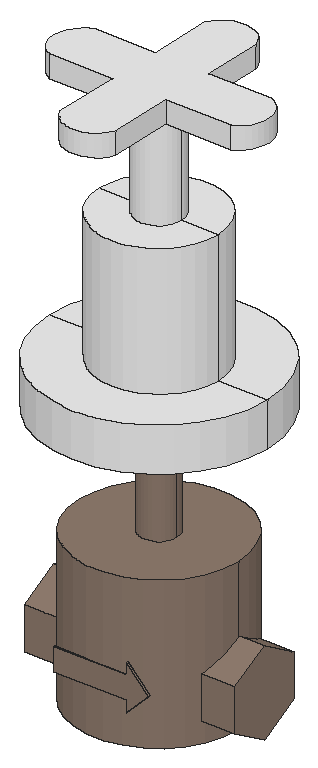
Revit family "Deca_Acabamento para Registro de Pressão Disco_4916.C.DSC.PQ", category Plumbing Fixtures, host Face, Revit 2012
Parameters (values of type "Base Fácil CPVC 28mm (4416.302.CPVC)")
  Vendido Separadamente = ""
  Variações de COR = "Cromado 1/2 e 3/4 (4916.C.DSC.PQ)"  # constant formula
  URL = "www.deca.com.br/produtos"
  Symbol [instance] = no
  Segmento = "Médio"  # constant formula
  Raio Ponto de Agua = 14 mm
  Produto = "Acabamento para registro de pressão Disco"  # constant formula
  Pressão = "2 A 40 mca"  # constant formula
  Peso Liquido (Kg) = 0.21
  Norma = "ABNT NBR 10283: 2003"  # constant formula
  Model = Código  # "4916.C.DSC.PQ"
  Material = "Deca_Latão Cromado e Plástico de Engenharia"  # constant formula
  Manufacturer = "Deca"  # constant formula
  Louça/Metais = "Metal"  # constant formula
  Linha = "Disco"  # constant formula
  Informações Complementares = "Mecanismo: 1/2 de volta"  # constant formula
  Flow Pressure = 0.00 psi
  Diâmetro Ponto de Agua = Raio Ponto de Agua * 2  # 28 mm
  Description = "Acabamento para registro de pressão Axis"  # constant formula
  Default Elevation = 0 mm
  Código = "4916.C.DSC.PQ"  # constant formula
  Criado por = "Contino/quattroD"  # constant formula
  Consumo = "Varia com a pressão"  # constant formula
  CWFU = 0
  Base de Registro de Pressão_Family = Deca_Shared_Base de Registro de Pressão_4916.C.DSC.PQ : 4416.202 - DN 20 (3/4")
  Base de Registro de Pressão [instance] = yes
  Atendimento ao Cliente = "0800-0117073"  # constant formula
  Assembly Code = "D2020"
  Aprovado por = "Contino/quattroD"  # constant formula
  Acompanha o Produto = ""
  Acabamento de Registro [instance] = yes
  Acabamento = Deca CR10 Cromado Metal
Types (10, lengths in mm): name | Raio Ponto de Agua | Diâmetro Ponto de Agua | Base de Registro de Pressão_Family
  (no name) | 14 | 28 | Deca_Shared_Base de Registro de Pressão_4916.C.DSC.PQ : 4416.202 - DN 20 (3/4")
  4916.C.DSC.PQ_Cromado CR10_1/2" | 7.5 | 15 | Deca_Shared_Base de Registro de Pressão_4916.C.DSC.PQ : 4416.102 - DN 15 (1/2")
  4916.C.DSC.PQ_Cromado CR10_3/4" | 10 | 20 | Deca_Shared_Base de Registro de Pressão_4916.C.DSC.PQ : 4416.202 - DN 20 (3/4")
  Base Fácil PVC 20mm (4416.102.PVC) | 10 | 20 | Deca_Shared_Base de Registro de Pressão_4916.C.DSC.PQ : 4416.202 - DN 20 (3/4")
  Base Fácil PVC 25mm (4416.202.PVC) | 12.5 | 25 | Deca_Shared_Base de Registro de Pressão_4916.C.DSC.PQ : 4416.202 - DN 20 (3/4")
  Base Fácil PPR 20mm (4416.102.PPR) | 10 | 20 | Deca_Shared_Base de Registro de Pressão_4916.C.DSC.PQ : 4416.202 - DN 20 (3/4")
  Base Fácil PPR 25mm (4416.202.PPR) | 12.5 | 25 | Deca_Shared_Base de Registro de Pressão_4916.C.DSC.PQ : 4416.202 - DN 20 (3/4")
  Base Fácil CPVC 15mm (4416.102.CPVC) | 7.5 | 15 | Deca_Shared_Base de Registro de Pressão_4916.C.DSC.PQ : 4416.202 - DN 20 (3/4")
  Base Fácil CPVC 22mm (4416.202.CPVC) | 11 | 22 | Deca_Shared_Base de Registro de Pressão_4916.C.DSC.PQ : 4416.202 - DN 20 (3/4")
  Base Fácil CPVC 28mm (4416.302.CPVC) | 14 | 28 | Deca_Shared_Base de Registro de Pressão_4916.C.DSC.PQ : 4416.202 - DN 20 (3/4")
Reference planes
  plane 1 "Center (Front/Back)": y = 0
  plane 2: z = 0
  plane 3 "Center (Left/Right)": x = 0
  plane 4 "Left 1": x = -30
  plane 5 "Right 1": x = 30
  plane 6 "Front 1": y = -30.021
  plane 7 "Top 1": z = 81.278
  plane 8 "Back 1": y = 29.94
Forms (mm)
  Revolve 1, solid, material "Deca CR10 Cromado Metal" <- "Acabamento", visible <- "Acabamento de Registro"
    sketch origin (0, 0, 0) x (1, 0, 0) y (0, 0, 1)
      loop
        line (0, 0) -> (30, 0) -> (30, 12) -> (16.392, 12) -> (16.392, 48) -> (6.25, 48) -> (6.25, 75.486) -> (0, 75.486) -> (0, 0)
      axis (0, 75.486) -> (0, 0)
    angle from 0 to 360
  Extrusion 2, solid, material "Deca CR10 Cromado Metal" <- "Acabamento", visible <- "Acabamento de Registro"
    sketch origin (0.458, -0.156, 0) x (1, 0, 0) y (0, 1, 0)
      loop
        line (7.124, -24.097) -> (7.124, 24.097)
        arc (7.124, 24.097) -> (0.005, 29.55) -> (-7.697, 24.957) r 7.992
        line (-7.697, 24.957) -> (-7.697, -24.957)
        arc (-7.697, -24.957) -> (0.005, -29.55) -> (7.124, -24.097) r 7.992
    from 75.288 to 81.286
  Extrusion 3, solid, material "Deca CR10 Cromado Metal" <- "Acabamento", visible <- "Acabamento de Registro"
    sketch origin (0.458, 0.636, 0) x (0, 1, 0) y (-1, 0, 0)
      loop
        line (7.124, -24.097) -> (7.124, 24.097)
        arc (7.124, 24.097) -> (0.005, 29.55) -> (-7.697, 24.957) r 7.992
        line (-7.697, 24.957) -> (-7.697, -24.957)
        arc (-7.697, -24.957) -> (0.005, -29.55) -> (7.124, -24.097) r 7.992
    from 75.288 to 81.286
Cuts and joins
  joined: Extrusion 2, Extrusion 3
Lines and regions (mm)
  Masking region 1, visible <- "Acabamento de Registro"
    outline origin (0, 0, 0) x (1, 0, 0) y (0, 1, 0)
      loop
        circle (0, 0) r 30
  Masking region 2, visible <- "Acabamento de Registro"
    outline origin (0, 0, 0) x (1, 0, 0) y (0, 0, 1)
      loop
        line (-30, 0) -> (30, 0) -> (30, 12) -> (16.5, 12) -> (16.5, 48) -> (6.25, 48) -> (6.25, 75.286) -> (30.001, 75.286) -> (30.001, 81.278) -> (-30.001, 81.278) -> (-30.001, 75.286) -> (-6.25, 75.286) -> (-6.25, 48) -> (-16.5, 48) -> (-16.5, 12) -> (-30, 12) -> (-30, 0)
  Masking region 3, visible <- "Acabamento de Registro"
    outline origin (0, 0.002, 0) x (0, 1, 0) y (0, 0, 1)
      loop
        line (29.772, 81.278) -> (-29.772, 81.278) -> (-29.772, 75.288) -> (-6.024, 75.288) -> (-6.024, 48) -> (-16.236, 48) -> (-16.236, 12) -> (-30.024, 12) -> (-30.024, 0) -> (29.937, 0) -> (29.937, 12) -> (16.236, 12) -> (16.236, 48) -> (6.024, 48) -> (6.024, 75.288) -> (29.772, 75.288) -> (29.772, 81.278)
  symbolic lines, visible <- "Acabamento de Registro"
    curve 1: arc (7.124, 24.097, 0) -> (0.005, 29.55, 0) -> (-7.697, 24.957, 0) r 7.992
    curve 2: line (-7.697, 24.957, 0) -> (-7.697, 7.969, 0)
    curve 3: line (7.124, 7.969, 0) -> (7.124, 24.097, 0)
    curve 4: line (7.124, -25.104, 0) -> (7.124, -6.853, 0)
    curve 5: arc (-7.697, -24.39, 0) -> (-0.528, -29.762, 0) -> (7.124, -25.104, 0) r 7.992
    curve 6: line (-7.697, -6.853, 0) -> (-7.697, -24.39, 0)
    curve 7: arc (-7.697, 14.337, 0) -> (-11.417, 11.621, 0) -> (-14.224, 7.969, 0) r 16.236
    curve 8: line (-7.697, 7.969, 0) -> (-24.39, 7.969, 0)
    curve 9: line (7.124, 7.969, 0) -> (24.957, 7.969, 0)
    curve 10: line (24.097, -6.853, 0) -> (7.124, -6.853, 0)
    curve 11: arc (7.124, 14.627, 0) -> (11.185, 11.843, 0) -> (14.224, 7.969, 0) r 16.236
    curve 12: arc (-7.697, -14.337, 0) -> (-11.857, -11.174, 0) -> (-14.797, -6.853, 0) r 16.236
    curve 13: arc (7.124, -14.627, 0) -> (11.634, -11.405, 0) -> (14.797, -6.853, 0) r 16.236
    curve 14: line (-7.697, -6.853, 0) -> (-25.104, -6.853, 0)
    curve 15: arc (-24.39, 7.969, 0) -> (-29.762, 0.8, 0) -> (-25.104, -6.853, 0) r 7.992
    curve 16: arc (24.097, -6.853, 0) -> (29.55, 0.266, 0) -> (24.957, 7.969, 0) r 7.992
    curve 17: line (-6.25, 0, 75.286) -> (6.25, 0, 75.286)
    curve 18: line (-6.25, 0, 48) -> (6.25, 0, 48)
    curve 19: line (-16.5, 0, 12) -> (16.392, 0, 12)
    curve 20: line (0, -16.234, 12) -> (0, 16.238, 12)
    curve 21: line (0, 6.026, 48) -> (0, -6.021, 48)
    curve 22: line (0, 6.026, 75.288) -> (0, -6.021, 75.288)
Dimensions and locks
  plane 4 "Left 1" to plane 5 "Right 1" = 60 mm
  plane 5 "Right 1" to plane 4 "Left 1" = 60 mm
  plane 7 "Top 1" to plane 2 = 81.278 mm  (x2)
  plane 5 "Right 1" to plane 3 "Center (Left/Right)" to plane 4 "Left 1" = 30 mm, 30 mm
  plane 6 "Front 1" to plane 1 "Center (Front/Back)" to plane 8 "Back 1" = 30.021 mm, 29.94 mm
  plane 6 "Front 1" to plane 8 "Back 1" = 59.961 mm
  aligned and locked: host face to plane 2
  aligned and locked: level to host face
Nested families
  nested 1: "Deca_Shared_Base de Registro de Pressão_4916.C.DSC.PQ" at (-0.3, 0, -60.707), type <- "Base de Registro de Pressão_Family", visible <- "Base de Registro de Pressão", Symbol <- "Symbol", type "4416.202 - DN 20 (3/4")"
    with built-in parameter 1114242 1, Symbol no
Connectors
  piping at (29, 0, -60.707), driven by "Raio Ponto de Agua", driven by "Flow Pressure"
    settings: on nested 1, index 1, connector radius 0.55118", flow factor 0, pipe flow 0 GPM, pressure drop 0.00 psi, fitting loss kfactor 0, connector angle 0.00°, fixture units 0, engagement length 0 mm, flow configuration 3, flow direction 2, fitting loss method 4, system type 29, joint type 0, gender type 0, connector reference index -1, connector utility 0, adjustable connector no, is connector primary yes, fitting loss table "", connector description ""
  piping at (-29, 0, -60.707), driven by "Raio Ponto de Agua", driven by "Flow Pressure"
    settings: on nested 1, index 2, connector radius 0.55118", flow factor 0, pipe flow 0 GPM, pressure drop 0.00 psi, fitting loss kfactor 0, connector angle 0.00°, fixture units 0, engagement length 0 mm, flow configuration 3, flow direction 1, fitting loss method 4, system type 29, joint type 0, gender type 0, connector reference index -1, connector utility 0, adjustable connector no, is connector primary no, fitting loss table "", connector description ""
Definition of nested family "Deca_Shared_Base de Registro de Pressão_4916.C.DSC.PQ"
  Parameters (values of type "4416.202 - DN 20 (3/4")")
    Vendido Separadamente = "Não Aplicável"  # constant formula
    Variações de COR = "1/2'' e 3/4''"  # constant formula
    built-in parameter 1114242 [instance] = 1
    Topo = Deca BR13 Bronze Bruto Metal
    Symbol [instance] = yes
    Segmento = "Básicos"  # constant formula
    Raio Ponto de Agua = 9.5 mm
    Radius Side = DN / 2  # 10 mm
    Produto = "Base de registro de pressão 3/4\""
    Pressão = "2 a 40 mca"  # constant formula
    Peso Liquido (Kg) = 0.332
    Norma = "NBR 15704-1"  # constant formula
    Mín = 30 mm
    Max = 40 mm
    Material = "Bronze Fundido e Plásticos de Engenharia"  # constant formula
    Louça/Metais = "Metais"  # constant formula
    Linha = "-"  # constant formula
    K Coefficient = 0
    Informações Complementares = "Gabarito para embutimento e proteção; Range de embutimento de 10 mm, Possibilidade de troca de mecanismo de MVS para MVR (meia volta); Sentido do fluxo indicado por seta indicativa no corpo;"  # constant formula
    Flow Pressure = 0.00 psi
    Fabricante = "Deca"  # constant formula
    Diâmetro Ponto de Agua = Raio Ponto de Agua * 2  # 19 mm
    Descrição = "Base de registro de pressão"  # constant formula
    DN = 20 mm
    Código = "4416.202"
    Criador por = "Contino/quattroD"  # constant formula
    Corpo = Deca BR13 Bronze Bruto Metal
    URL = "www.deca.com.br"
    Model = Código  # "4416.202"
    Manufacturer = Fabricante  # "Deca"
    Description = Descrição  # "Base de registro de pressão"
    B = 94 mm
    Atendimento ao Cliente = "0800-0117073"  # constant formula
    Assembly Code = ""
    Aprovado por = "Contino/quattroD"  # constant formula
    Acompanha o Produto = "Não Aplicável"  # constant formula
    A = 58 mm
  Types (2, lengths in mm): name | Raio Ponto de Agua | Radius Side | Produto | Peso Liquido (Kg) | Mín | Max | Diâmetro Ponto de Agua | DN | Código | Model | B | A
    4416.102 - DN 15 (1/2") | 6.4 | 7.5 | "Base de registro de pressão 1/2\"" | 0.31 | 35 | 45 | 12.8 | 15 | "4416.102" | "4416.102" | 99 | 59
    4416.202 - DN 20 (3/4") | 9.5 | 10 | "Base de registro de pressão 3/4\"" | 0.332 | 30 | 40 | 19 | 20 | "4416.202" | "4416.202" | 94 | 58
  Reference planes
    plane 1 "Center (Front/Back)": y = 0
    plane 2: z = 0
    plane 3 "Center (Left/Right)": x = 0.3
    plane 4 "Left 2": x = -28.7
    plane 5: through (11.528, 0, 0) normal (0, 0.5, -0.866)
    plane 6: through (11.528, 28.818, 28.185) normal (0, -0.5, 0.866)
    plane 7: through (11.528, 0, 0) normal (0, 0.5, 0.866)
    plane 8: through (11.528, 15.115, 2.82) normal (0, 0.5, 0.866)
    plane 9: through (11.528, 0, 0) normal (0, -0.5, -0.866)
    plane 10: through (11.528, 28.818, -28.185) normal (0, 0.5, 0.866)
    plane 11: through (11.528, 0, 0) normal (0, -0.5, 0.866)
    plane 12: through (11.528, 15.115, -2.82) normal (0, -0.5, 0.866)
    plane 13 "Right 2": x = 29.3
    plane 14 "Top 1": z = 30
    plane 15 "Right 1": x = 22.3
    plane 16 "Left 1": x = -21.7
    plane 17 "Top 2": z = 94
  Forms (mm)
    Extrusion 1, solid, material "Deca BR13 Bronze Bruto Metal" <- "Corpo"
      sketch origin (0, 134.427, 73.647) x (0, 1, 0) y (0, 0, 1)
        loop
          line (-124.427, -67.874) -> (-134.427, -62.1) -> (-144.427, -67.874) -> (-144.427, -79.421) -> (-134.427, -85.194) -> (-124.427, -79.421) -> (-124.427, -67.874)
      from -28.7 to 29.3
    Extrusion 2, solid, material "Deca BR13 Bronze Bruto Metal" <- "Corpo"
      sketch origin (0, 0, 0) x (1, 0, 0) y (0, 1, 0)
        loop
          circle (0.3, 0) r 22
      from -11.547 to 30
    Extrusion 3, solid, material "Deca BR13 Bronze Bruto Metal" <- "Topo"
      sketch origin (0, 0, 0) x (1, 0, 0) y (0, 1, 0)
        loop
          circle (0.3, 0) r 5
      from 30 to 94
    Extrusion 4, solid, material "Deca BR13 Bronze Bruto Metal" <- "Corpo"
      sketch origin (0, 0, 0) x (1, 0, 0) y (0, 0, 1)
        loop
          line (-10.882, 7.052) -> (-10.882, 0.923) -> (9.118, 0.923) -> (9.118, -2.241) -> (15.346, 3.987) -> (9.118, 10.216) -> (9.118, 7.052) -> (-10.882, 7.052)
      from 21.847 to 22.271
  Dimensions and locks
    "Radius Side": plane 6 to plane 5
    "Radius Side": plane 8 to plane 7
    "Radius Side": plane 10 to plane 9
    "Radius Side": plane 12 to plane 11
    "A": plane 4 "Left 2" to plane 13 "Right 2"
    equal spacing: plane 13 "Right 2", plane 3 "Center (Left/Right)", plane 4 "Left 2"
    "Mín": plane 14 "Top 1" to level
    locked: plane 13 "Right 2" to plane 15 "Right 1" at 7
    equal spacing: plane 16 "Left 1", plane 3 "Center (Left/Right)", plane 15 "Right 1"
    plane 4 "Left 2" to plane 13 "Right 2" = 58 mm
    "B": plane 17 "Top 2" to level
    aligned and locked: plane 4 "Left 2" to Extrusion 1
    aligned and locked: plane 13 "Right 2" to Extrusion 1
    aligned and locked: Extrusion 1 to Extrusion 2
    aligned and locked: plane 15 "Right 1" to Extrusion 2 sketch curve
    aligned and locked: plane 14 "Top 1" to Extrusion 2
    aligned and locked: Extrusion 3 to plane 14 "Top 1"
    aligned and locked: plane 17 "Top 2" to Extrusion 3
  Automatic sketch dimensions
    Extrusion 1 sketch curve to plane 5 = 0 mm
    plane 10 to Extrusion 1 sketch curve = 0 mm  (x2)
    Extrusion 1 sketch curve to plane 1 "Center (Front/Back)" = 0 mm  (x2)
    plane 7 to Extrusion 1 sketch curve = 0 mm
    plane 12 to Extrusion 1 sketch curve = 0 mm
    plane 5 to Extrusion 1 sketch curve = 0 mm
    Extrusion 1 sketch curve to plane 6 = 0 mm  (x2)
    plane 1 "Center (Front/Back)" to Extrusion 2 sketch curve = 0 mm
    Extrusion 2 sketch curve to plane 3 "Center (Left/Right)" = 0 mm
    plane 1 "Center (Front/Back)" to Extrusion 3 sketch curve = 0 mm
    Extrusion 3 sketch curve to plane 3 "Center (Left/Right)" = 0 mm
    Extrusion 4 sketch curve to plane 16 "Left 1" = 10.818 mm
    plane 3 "Center (Left/Right)" to Extrusion 4 sketch curve = 8.818 mm
    level to Extrusion 4 sketch curve = 0.923 mm
    Extrusion 4 sketch curve to Extrusion 4 sketch curve = 0 mm
    level to Extrusion 4 sketch curve = 3.987 mm
    Extrusion 4 sketch curve to Extrusion 4 sketch curve = 6.228 mm
    Extrusion 4 sketch curve to level = 2.241 mm
    Extrusion 4 sketch curve to Extrusion 4 sketch curve = 3.163 mm
    radius of Extrusion 3 sketch curve = 5 mm
  Nested families
    nested 1: "Symbol" at (0.3, 0, 0), visible <- "Symbol", type "Symbol"
  Connectors
    piping at (29.3, 0, 0), driven by "Flow Pressure", driven by "Raio Ponto de Agua"
      settings: on Extrusion 1, index 1, connector radius 0.37402", flow factor 0, pipe flow 0 GPM, pressure drop 0.00 psi, fitting loss kfactor 0, connector angle 0.00°, fixture units 0, engagement length 0 mm, flow configuration 3, flow direction 2, fitting loss method 4, system type 29, joint type 0, gender type 0, connector reference index -1, connector utility 0, adjustable connector no, is connector primary yes, fitting loss table "", connector description ""
    piping at (-28.7, 0, 0), driven by "Raio Ponto de Agua", driven by "Flow Pressure"
      settings: on Extrusion 1, index 2, connector radius 0.37402", flow factor 0, pipe flow 0 GPM, pressure drop 0.00 psi, fitting loss kfactor 0, connector angle 0.00°, fixture units 0, engagement length 0 mm, flow configuration 3, flow direction 1, fitting loss method 4, system type 29, joint type 0, gender type 0, connector reference index -1, connector utility 0, adjustable connector no, is connector primary no, fitting loss table "", connector description ""
  Definition of nested family "Symbol"
    Reference planes
      plane 1: y = 0
      plane 2: x = 0
    Lines and regions (mm)
      detail lines, style "Centerline"
        curve 1: line (0, 1.651, 0) -> (0, -3.349, 0)
        curve 2: line (0, -3.349, 0) -> (-2.5, -3.349, 0)
        curve 3: circle (0, 0, 0) r 1.651 normal (0, 0, 1)
      detail lines
        curve 4: line (2.5, 1.651, 0) -> (2.5, -1.651, 0)
        curve 5: line (-2.5, 1.651, 0) -> (-2.5, -1.651, 0)
